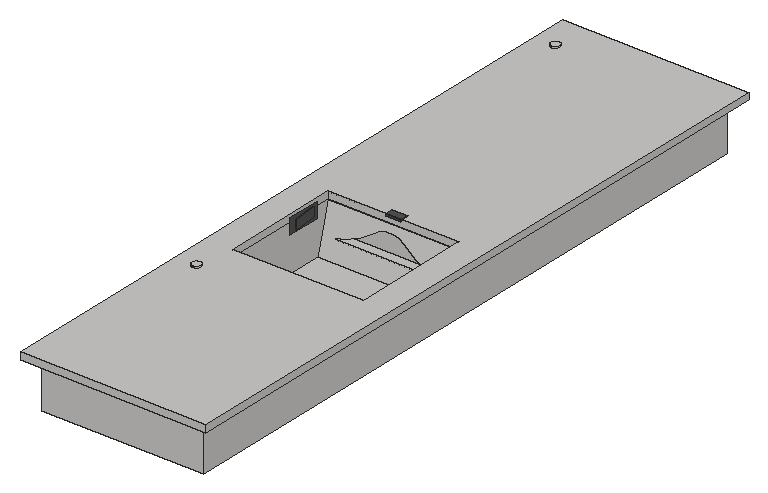
Revit family "rba-bim-B38030", category Specialty Equipment, host Face, Revit 2018
Family settings
  Host = Face
  Round Connector Dimension = Use Diameter
  Part Type = Normal
  OmniClass Number = 23.40.20.21.17
  OmniClass Title = Paper Towel Dispensers, Disposal Units
  Cut with Voids When Loaded = No
  Shared = Yes
  Room Calculation Point = No
Parameters (values of type "B-38030 208V")
  Width = 15 5/8"
  Wattage = 750 W
  Warranty Information = "1-Year Limited Warranty"
  Voltage = 208 V
  URL = "www.rba.com.au"
  Type Comments = ""
  Specification = "Recessed Paper Towel Dispenser, Automatic Hand Dryer, And Waste Bin (3-in-1 unit) shall be type-304 stainless steel with all-welded construction; exposed surfaces shall have satin finish. Doors shall be 1.2mm (18-gauge); have 14mm (9/16\") 90° return edges; be secured to cabinet with concealed, full-length stainless steel piano-hinges; and equipped with a stainless steel cable door-swing limiter and two flush tumbler locks per door keyed like other Bobrick washroom accessories. Paper towel dispenser shall be capable of dispensing 600 multifold or 450 C-fold paper towels. Unit equipped with TowelMate consisting of a 90° return towel guide angle inside cabinet to prevent paper towels from falling forward out when door is opened for servicing and a Nylon Rod across the center of the towel tray to dispense paper towels one at a time. Waste bin shall be furnished with a removable, leak-proof, rigid molded plastic waste-container with a capacity of 13.7 liters (3.6 gal.). Directed air nozzles shall prevent dryer from blowing into waste bin. Hand dryer shall have a one-piece,18-8, type-304, 0.8mm (22-gauge) stainless steel cover. Dryer mounting base shall be 1.5mm (20-gauge) plated steel with three 6mm (0.236\") diameter mounting holes. Fan housings shall be fire-retardant molded black plastic. Dryer shall be equipped with dual air outlets that run through two vertical ducts and out the black plastic nozzles under the towel dispenser. Motor shall be 1/7 hp, universal type on resilient mounting with sealed ball bearing at drive-shaft end and self-lubricating sleeve bearing at nondrive end; equipped with automatic thermal-overload switch. Heating elements shall be located on outlet side of fan, shall heat air without hot spots, be inaccessible to vandals, and protected by an automatic thermal-overload switch. The dryer will be controlled by the activation sensor which is part of the electronic control. The electronic control will never allow the dryer motor to be hotter than 70°C. There are two modes of operation, dryer promotion and paper promotion. Dryer promotion mode, the dryer shall turn on when hands are held under air-outlet opening and across path of sensor. Paper promotion mode, there will be a three (3) second delay between seeing the hands and when the dryer turns on. Dryer shall turn off automatically when hands are removed. Sensor shall automatically shut dryer off approximately 1-1/2 minutes after dryer turns on if an inanimate object is placed in activation zone. After inanimate object is removed, electronic sensor shall automatically reset itself and dryer shall operate normally. The electronic control will have an LED that will flash green when the dryer is ready, be solid green when the dryer is running and be solid red when the dryer is not ready. Unit shall VDE approved, CE marked and cUListed. Unit shall comply with EU Directive \"Restriction of Hazardous Substance\" (ROHS) requirements for non-use of certain hazardous substances in the production of electronic products. Unit shall be protected by a limited 1-year warranty from date of purchase on all parts except motor brushes. Recessed Paper Towel Dispenser, Automatic Hand Dryer, and Waste Bin (3-in-1 unit) shall be Model B-38030 of Bobrick Washroom Equipment, Inc., Clifton Park, New York; Jackson, Tennessee; Los Angeles, California; Bobrick Washroom\r\nEquipment Company, Scarborough, Ontario; Bobrick Washroom Equipment Pty. Ltd., Australia; and Bobrick Washroom Equipment Limited, United Kingdom."
  Product Page URL = "http://www.bobrick.com/washroomaccessories/Pages/ProductDetails.aspx?Product+Number=B-38030+230V"
  Product Documentation Link = "http://www.bobrick.com/Documents/B-38030_td.pdf"
  Price = "Prices may vary. Please consult Manufacturer Representative for most up-to-date price list."  # constant formula
  Phase = 1
  Modified Issue = "20200506.01"
  Model = "B38030"
  Materials and Finishes = Satin Finish Stainless Steel
  Manufacturer = "Bobrick Washroom Equipment"
  Length = 4 1/2"
  Keynote = "102813"
  Installation Type = "Recessed"
  Height = 57 1/16"
  Frequency = 60 Hz
  Description = "TrimLineSeries™ Recessed Paper Towel Dispenser, Automatic Hand Dryer, and Waste Bin (3-IN-1 UNIT)"
  Default Elevation = 44"
  Creation Date = "9/9/2016"  # constant formula
  Copyright by = "RBA Group"  # constant formula
  Connector Description = "208V Electrical Connection"
  Assembly Code = "E1090900"
  Amperage = 3.6 A
  Accent Finish [instance] = Paint-Bobrick-Black
  ADA Compliant = yes
Types (3): name | Wattage | Voltage | URL | Modified Issue | Model | Materials and Finishes | Manufacturer | Connector Description | Amperage
  (no name) | 750 W | 208 V | "www.rba.com.au" | "20200506.01" | "B38030" | Satin Finish Stainless Steel | "Bobrick Washroom Equipment" | "208V Electrical Connection" | 3.6 A
  B-38030 240V | 950 W | 240 V | "http://www.bobrick.com/" | "" | "B-38030 240V" | none | "Bobrick Washroom Equipment, Inc." | "240V Electrical Connection" | 4 A
  B-38030 208V | 750 W | 208 V | "www.rba.com.au" | "20200506.01" | "B38030" | Satin Finish Stainless Steel | "Bobrick Washroom Equipment" | "208V Electrical Connection" | 3.6 A
Reference planes (in)
  plane 1 "Center (Front/Back)": y = 0
  plane 2: z = 0
  plane 3 "Center (Left/Right)": x = 0
  plane 4: y = -28.625
  plane 5: y = 28.4375
  plane 6: x = -7.8125
  plane 7: x = 7.8125
  plane 8: z = 0.5625
  plane 9: z = -3.9375
Forms (in)
  Extrusion 1, solid, material "Satin Finish Stainless Steel"
    sketch origin (0, 6.44107, 0) x (1, 0, 0) y (0, 1, 0)
      loop
        line (-6.8125, 20.9808) -> (-6.8125, -34.0192) -> (6.8125, -34.0192) -> (6.8125, 20.9808) -> (-6.8125, 20.9808)
    from 0 to -3.9375
  Extrusion 2, solid, material "Satin Finish Stainless Steel"
    sketch origin (0, 6.44107, 0) x (1, 0, 0) y (0, 1, 0)
      loop
        line (-7.8125, 21.99643) -> (-7.8125, -3.1442) -> (7.8125, -3.1442) -> (7.8125, 21.99643) -> (-7.8125, 21.99643)
      loop
        line (-7.8125, -35.06607) -> (7.8125, -35.06607) -> (7.8125, -15.60553) -> (-7.8125, -15.60553) -> (-7.8125, -35.06607)
    from 0 to 0.5625
  Extrusion 3, void
    sketch origin (0, 6.44107, 0) x (0, 1, 0) y (0, 0, 1)
      loop
        line (-15.60553, 0.5625) -> (-15.60553, 0) -> (-17.35553, 0) -> (-17.35553, -3.87684) -> (-6.69249, -3.87684) -> (-5.3942, 0.5625) -> (-15.60553, 0.5625)
    from 5.5 to -5.5
  Extrusion 4, void
    sketch origin (0, 1.04687, 48) x (-1, 0, 0) y (0, 0, 1)
      loop
        arc (4.9201, -50.35678) -> (3.05503, -49.93072) -> (1.37802, -49.01004) r 6.91658
        spline (1.37802, -49.01004) -> (1.20936, -48.89202) -> (1.02198, -48.79211) -> (0.81913, -48.71203) -> (0.60435, -48.65318) -> (0.38137, -48.61659) -> (0.15406, -48.60289) -> (-0.07361, -48.61232) -> (-0.29769, -48.64471) -> (-0.51427, -48.69951) -> (-0.7196, -48.77576) -> (-0.9101, -48.87214) -> (-1.08245, -48.98695)
        arc (-1.08245, -48.98695) -> (-2.90841, -49.93203) -> (-4.9201, -50.35678) r 7.65162
        line (-4.9201, -50.35678) -> (4.9201, -50.35678)
    from -1.34989 to 0
  Extrusion 5, solid, material "Satin Finish Stainless Steel"
    sketch origin (0, 6.44107, 0) x (1, 0, 0) y (0, 1, 0)
      loop
        circle (-6.08024, 19.04109) r 0.375
      loop
        circle (-6.08024, -18.70891) r 0.375
    from 0.5625 to 0.625
  Extrusion 6, solid, material "Paint-Bobrick-Black" <- "Accent Finish"
    sketch origin (-7.8125, 25.57433, 47.84375) x (0, 1, 0) y (0, 0, 1)
      loop
        line (-28.78149, -47.5) -> (-28.78149, -48.75) -> (-26.03149, -48.75) -> (-26.03149, -47.5) -> (-28.78149, -47.5)
    from 2.3125 to 2.38201
  Extrusion 7, solid, material "Paint-Bobrick-Black" <- "Accent Finish"
    sketch origin (7.8125, 25.57433, 47.84375) x (0, 1, 0) y (0, 0, 1)
      loop
        line (-28.78149, -47.5) -> (-28.78149, -48.75) -> (-26.03149, -48.75) -> (-26.03149, -47.5) -> (-28.78149, -47.5)
    from -2.3125 to -2.38281
  Extrusion 8, solid, material "Satin Finish Stainless Steel"
    sketch origin (0, 6.44107, 0) x (1, 0, 0) y (0, 1, 0)
      loop
        line (-7.8125, -3.1442) -> (-7.8125, -5.5587) -> (7.8125, -5.5587) -> (7.8125, -3.1442) -> (-7.8125, -3.1442)
    from 0 to 0.5625
  Extrusion 9, solid, material "Satin Finish Stainless Steel"
    sketch origin (0, 6.44107, 0) x (1, 0, 0) y (0, 1, 0)
      loop
        line (-7.8125, -15.60553) -> (-5.5, -15.60553) -> (-5.5, -5.5587) -> (-7.8125, -5.5587) -> (-7.8125, -15.60553)
      loop
        line (7.8125, -15.60553) -> (7.8125, -5.5587) -> (5.5, -5.5587) -> (5.5, -15.60553) -> (7.8125, -15.60553)
    from 0 to 0.5625
  Extrusion 10, solid, material "Paint-Bobrick-Black" <- "Accent Finish"
    sketch origin (0, 6.44107, 0) x (1, 0, 0) y (0, 1, 0)
      loop
        line (-0.64194, -4.91412) -> (-0.64194, -5.6212) -> (0.64194, -5.6212) -> (0.64194, -4.91412) -> (-0.64194, -4.91412)
    from 0.45629 to 0.58225
  Extrusion 11, solid, material "Paint-Bobrick-Black" <- "Accent Finish"
    sketch origin (-7.8125, 25.57433, 48) x (0, 1, 0) y (0, 0, 1)
      loop
        line (-26.53149, -47.75) -> (-28.28149, -47.93393) -> (-28.28149, -48.68393) -> (-26.53149, -48.5) -> (-26.53149, -47.75)
    from 2.38201 to 2.53835
  Extrusion 12, solid, material "Paint-Bobrick-Black" <- "Accent Finish"
    sketch origin (7.8125, 25.57433, 48) x (0, 1, 0) y (0, 0, 1)
      loop
        line (-26.53149, -47.75) -> (-28.28149, -47.93393) -> (-28.28149, -48.68393) -> (-26.53149, -48.5) -> (-26.53149, -47.75)
    from -2.38281 to -2.53906
Cuts and joins
  Extrusion 3, Extrusion 4 cuts Extrusion 1
  joined: Extrusion 2, Extrusion 8, Extrusion 9
Lines and regions (in)
  Masking region 1
    outline origin (0, 0, 0) x (1, 0, 0) y (0, 0, 1)
      loop
        line (7.8125, 0.5625) -> (-7.8125, 0.5625) -> (-7.8125, 0) -> (7.8125, 0) -> (7.8125, 0.5625)
Dimensions and locks (in)
  "Width": plane 6 to plane 7
  "Height": plane 4 to plane 5
  plane 4 to plane 1 "Center (Front/Back)" = 28 5/8"
  "Length": plane 8 to plane 9
  plane 8 to level to plane 9 = 9/16", 3 15/16"
  aligned and locked: plane 2 to host face
  aligned and locked: level to host face
Automatic sketch dimensions
  host sketch curve to host sketch curve = 96"  (x2)
  Extrusion 1 sketch curve to plane 6 = 1"
  Extrusion 1 sketch curve to plane 7 = 1"
  Extrusion 1 sketch curve to plane 4 = 1 3/64"
  plane 5 to Extrusion 1 sketch curve = 1 1/64"
  plane 5 to Extrusion 2 sketch curve = 0"
  Extrusion 2 sketch curve to plane 6 = 0"  (x2)
  plane 4 to Extrusion 2 sketch curve = 0"
  Extrusion 2 sketch curve to plane 7 = 0"  (x2)
  plane 1 "Center (Front/Back)" to Extrusion 2 sketch curve = 9.16446"
  Extrusion 2 sketch curve to plane 1 "Center (Front/Back)" = 3 19/64"
  Extrusion 3 sketch curve to level = 0"
  plane 1 "Center (Front/Back)" to Extrusion 3 sketch curve = 10.91446"
  Extrusion 3 sketch curve to Extrusion 3 sketch curve = 1 3/4"
  plane 1 "Center (Front/Back)" to Extrusion 3 sketch curve = 0.25142"
  Extrusion 3 sketch curve to plane 1 "Center (Front/Back)" = 1 3/64"
  Extrusion 3 sketch curve to level = 3.87684"
  level to Extrusion 3 sketch curve = 9/16"
  Extrusion 4 sketch curve to plane 7 = 2.33184"
  Extrusion 4 sketch curve to plane 7 = 2.8924"
  Extrusion 4 sketch curve to plane 6 = 2.8924"
  Extrusion 4 sketch curve to plane 6 = 2.29938"
  Extrusion 4 sketch curve to level = 2.35678"
  level to Extrusion 4 sketch curve = 4.53433"
  level to Extrusion 4 sketch curve = 5.27428"
  Extrusion 4 sketch curve to level = 0.98695"
  Extrusion 4 sketch curve to plane 3 "Center (Left/Right)" = 0.13298"
  Extrusion 4 sketch curve to level = 1.01004"
  Extrusion 4 sketch curve to Extrusion 4 sketch curve = 0.48364"
  Extrusion 5 sketch curve to plane 6 = 1.73226"  (x2)
  plane 1 "Center (Front/Back)" to Extrusion 5 sketch curve = 12.26784"
  plane 5 to Extrusion 5 sketch curve = 2.95534"
  Extrusion 6 sketch curve to level = 29/32"
  plane 1 "Center (Front/Back)" to Extrusion 6 sketch curve = 3.20716"
  plane 1 "Center (Front/Back)" to Extrusion 6 sketch curve = 0.45716"
  level to Extrusion 6 sketch curve = 11/32"
  Extrusion 7 sketch curve to level = 29/32"
  plane 1 "Center (Front/Back)" to Extrusion 7 sketch curve = 3.20716"
  plane 1 "Center (Front/Back)" to Extrusion 7 sketch curve = 0.45716"
  level to Extrusion 7 sketch curve = 11/32"
  Extrusion 8 sketch curve to plane 6 = 0"
  Extrusion 8 sketch curve to plane 7 = 0"
  Extrusion 8 sketch curve to plane 1 "Center (Front/Back)" = 0.88237"
  Extrusion 8 sketch curve to Extrusion 8 sketch curve = 2.4145"
  Extrusion 9 sketch curve to plane 6 = 0"
  Extrusion 9 sketch curve to plane 7 = 0"
  Extrusion 9 sketch curve to plane 1 "Center (Front/Back)" = 0.88237"  (x2)
  Extrusion 9 sketch curve to Extrusion 9 sketch curve = 2 5/16"  (x2)
  plane 1 "Center (Front/Back)" to Extrusion 9 sketch curve = 9.16446"  (x2)
  Extrusion 10 sketch curve to plane 3 "Center (Left/Right)" = 0.64194"
  plane 3 "Center (Left/Right)" to Extrusion 10 sketch curve = 0.64194"
  Extrusion 10 sketch curve to plane 1 "Center (Front/Back)" = 0.81987"
  Extrusion 10 sketch curve to Extrusion 10 sketch curve = 0.70708"
  level to Extrusion 11 sketch curve = 0.06607"
  plane 1 "Center (Front/Back)" to Extrusion 11 sketch curve = 2.70716"
  plane 1 "Center (Front/Back)" to Extrusion 11 sketch curve = 0.95716"
  Extrusion 11 sketch curve to level = 1/2"
  Extrusion 11 sketch curve to level = 0.68393"
  level to Extrusion 11 sketch curve = 1/4"
  level to Extrusion 12 sketch curve = 0.06607"
  plane 1 "Center (Front/Back)" to Extrusion 12 sketch curve = 2.70716"
  plane 1 "Center (Front/Back)" to Extrusion 12 sketch curve = 0.95716"
  Extrusion 12 sketch curve to level = 1/2"
  Extrusion 12 sketch curve to level = 0.68393"
  level to Extrusion 12 sketch curve = 1/4"
  plane 6 to Masking region 1 sketch curve = 0"
  Masking region 1 sketch curve to level = 0"
  Masking region 1 sketch curve to plane 7 = 0"
  Masking region 1 sketch curve to plane 8 = 0"
  radius of Extrusion 5 sketch curve = 3/8"  (x2)
Connectors (in)
  electrical at (0, -0.07813, -3.9375), driven by "Voltage", driven by "Wattage", driven by "Phase", driven by "Connector Description"
    settings: on cut or joined group of Extrusion 1, Extrusion 3, Extrusion 4, index 1, voltage 208 V, apparent load 0 VA, apparent load phase1 750 VA, apparent load phase2 0 VA, apparent load phase3 0 VA, power factor 1, load classification "Other", number of poles 1, system type 30, power factor state 1, is connector primary yes, connector utility no, sub classification motor no, connector description "208V Electrical Connection"
